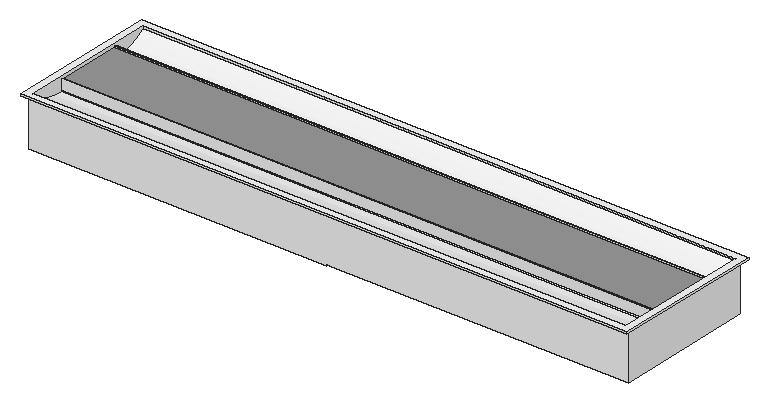
Revit family "2069267 Feilo Sylvania Lighting Fixture OFFICELYTE 1200 HE 4K DALI EMPRO", category Lighting Fixtures, host Face, Revit 2017
Family settings
  Host = Face
  Round Connector Dimension = Use Diameter
  Part Type = Normal
  OmniClass Number = 23.80.70.11.17
  OmniClass Title = Specialized Lighting by Location or Use
  Cut with Voids When Loaded = No
  Light Source = Yes
  Shared = No
  Room Calculation Point = No
Parameters (values of type "2069267 OFFICELYTE 1200 HE 4K DALI EMPRO")
  Width = 297.0 mm
  Weight = 5.90 kg
  Wattage = 27 W
  built-in parameter 1150110 = 1 (stored number, unit not read)
  Voltage Comments = "UNV (Universal Voltage; 230-240 Volt)"  # constant formula
  Voltage = 230 V  # constant formula
  URL = "http://www.sylvania-lighting.com"
  built-in parameter 1114217 = 1 (stored number, unit not read)
  Tilt Angle = 90.00°
  built-in parameter 1150109 = 1 (stored number, unit not read)
  built-in parameter 1150134 = 12
  built-in parameter 1150113 = 1 (stored number, unit not read)
  Product Page URL = "http://www.sylvania-lighting.com/product/en-int/products/2069267"
  Product Family = "OFFICELYTE LP LED"  # constant formula
  Photometry Comments = ""
  Photometric Web File = "2069267.ies"
  Life = "50 000 h"  # constant formula
  Length = 1197.0 mm
  LOR = "100 %"
  Keynote = "16500"
  IP Rating = "IP40"  # constant formula
  IK Rating = "IK02"  # constant formula
  Glow Wire Test = 650 °C  # constant formula
  Glare Control = "UGR <19"  # constant formula
  Electrical Protection = "CLASS I"  # constant formula
  Diffuser Material = Acrylic_Sylvania_Officelyte LP LED_Satin_4000K
  Height = 95.0 mm
  built-in parameter 1114216 [instance] = 1 (stored number, unit not read)
  Model = "OFFICELYTE 1200 HE 4K DALI EMPRO"
  Manufacturer = "Havells-Sylvania Group"  # constant formula
  built-in parameter 1150105 = 1884.1 (stored number, unit not read)
  Lumens = 3429 lm
  built-in parameter 1150115 = 1 (stored number, unit not read)
  built-in parameter 1150137 = (empty or 0)
  built-in parameter 1150139 = (empty or 0)
  built-in parameter 1150112 = 1 (stored number, unit not read)
  built-in parameter 1150114 = 1 (stored number, unit not read)
  Lamp = "LED"
  built-in parameter 1150132 = 2
  built-in parameter 1150102 = (empty or 0)
  built-in parameter 1150107 = 4000 (stored number, unit not read)
  built-in parameter 1150138 = (empty or 0)
  built-in parameter 1150106 = 18.841 (stored number, unit not read)
  Reflector Material = Steel_Sylvania_Officelyte LP LED_White_RAL 9016
  Emit from Rectangle Width = 564.0 mm
  Emit from Rectangle Length = 564.0 mm
  Emit Shape Visible in Rendering = no
  built-in parameter 1150104 = 11.799 (stored number, unit not read)
  Dimming Lamp Color Temperature Shift = <None>
  CRI ( Ra ) = 85
  Body Material = Steel_Sylvania_Officelyte LP LED_White_RAL 9016
  Description = "The Concord OFFICELYTE LP LED HO 4K 600 is a high efficient luminaire for Office, education, meeting rooms. With efficacy of 95lm/W, at 4549lm, CRI of 85 and a very low glare ratio according to EN12464."  # constant formula
  Default Elevation = 0.0 mm
  Color Filter = 16777215
  Catalog Number = "2064456 OFFICELYTE LP LED HE 4K 600"
  built-in parameter 1140040 [instance] = 1
  built-in parameter 1114218 = 1 (stored number, unit not read)
  built-in parameter 1150133 = 10 (stored number, unit not read)
  Assembly Code = "D5020200"
  Apparent Load Comments = ""
  Apparent Load = 27 VA
Reference planes
  plane 1 "Center (Front/Back)": x = 0.711
  plane 2: z = 0
  plane 3 "Center (Left/Right)": y = -70.403
  plane 4 "Fixture Bottom": z = 3
  plane 5 "Fixture Right": y = 78.097
  plane 6 "Profile Right": y = 64.597
  plane 7 "Profile Left": y = -205.403
  plane 8 "Fixture Left": y = -218.903
  plane 9 "Profile Back": x = -578.136
  plane 10 "Fixture Back": x = -591.636
  plane 11 "Fixture Front": x = 599.211
  plane 12: z = -25
  plane 13 "Box Right": y = 66.597
  plane 14 "Box Left": y = -207.403
  plane 15 "Box Back": x = -584.886
  plane 16 "Box Front": x = 587.711
  plane 17: y = -3.903
  plane 18: y = -136.903
  plane 19 "Difuser Right": y = -6.903
  plane 20 "Difuser Left": y = -133.903
  plane 21: z = -2
  plane 22: z = -4
  plane 23 "Profile Front": x = 585.711
  plane 24 "Fixture Top": z = -95
  plane 25 "Box Thickness": z = -93
  plane 26: z = -20
  plane 27: x = -597.789
  plane 28: x = 599.211
Forms (mm)
  Extrusion 1, void
    sketch origin (0, 0, 59) x (-1, 0, 0) y (0, -1, 0)
      loop
        line (-587.711, -66.597) -> (584.886, -66.597) -> (584.886, 207.403) -> (-587.711, 207.403) -> (-587.711, -66.597)
    from -152 to -56
  Extrusion 2, solid, material "Steel_Sylvania_Officelyte LP LED_White_RAL 9016" <- "Reflector Material", detail levels fine
    sketch origin (-294.136, -50.403, 59) x (0, -1, 0) y (1, 0, 0)
      loop
        line (-128.5, -297.5) -> (168.5, -297.5) -> (168.5, 893.347) -> (-128.5, 893.347) -> (-128.5, -297.5)
      loop
        line (155, -284) -> (155, 879.847) -> (-115, 879.847) -> (-115, -284) -> (155, -284)
    from -59 to -56
  Extrusion 3, solid, material "Steel_Sylvania_Officelyte LP LED_White_RAL 9016" <- "Reflector Material", detail levels fine
    sketch origin (0.711, -70.403, 0) x (0, 1, 0) y (0, 0, 1)
      loop
        arc (-65.868, -23.244) -> (-102.251, -17.422) -> (-135, -0.537) r 116.591
        line (-135, -0.537) -> (-135, -2.581)
        arc (-135, -2.581) -> (-102.244, -19.433) -> (-65.868, -25.244) r 116.772
        line (-65.868, -25.244) -> (65.87, -25.244)
        arc (65.87, -25.244) -> (102.245, -19.434) -> (135, -2.581) r 116.769
        line (135, -2.581) -> (135, -0.538)
        arc (135, -0.538) -> (102.252, -17.422) -> (65.87, -23.244) r 116.587
        line (65.87, -23.244) -> (-65.868, -23.244)
    from -578.847 to 585
  Extrusion 4, solid, material "Steel_Sylvania_Officelyte LP LED_White_RAL 9016" <- "Reflector Material", detail levels fine
    sketch origin (-294.136, -70.403, 59) x (0, -1, 0) y (1, 0, 0)
      loop
        line (135, -284) -> (135, 879.847) -> (-135, 879.847) -> (-135, -284) -> (135, -284)
      loop
        line (137, -290.75) -> (137, 886.648) -> (-137, 886.648) -> (-137, -290.75) -> (137, -290.75)
    from -152 to -59
  Extrusion 5, solid, material "Steel_Sylvania_Officelyte LP LED_White_RAL 9016" <- "Reflector Material", detail levels fine
    sketch origin (0, 0, 59) x (-1, 0, 0) y (0, -1, 0)
      loop
        line (578.136, 133.903) -> (578.136, 136.903) -> (-585.711, 136.903) -> (-585.711, 133.903) -> (578.136, 133.903)
      loop
        line (-585.711, 6.903) -> (-585.711, 3.903) -> (578.136, 3.903) -> (578.136, 6.903) -> (-585.711, 6.903)
    from -79 to -59
  Extrusion 6, solid, material "Acrylic_Sylvania_Officelyte LP LED_Satin_4000K" <- "Diffuser Material", detail levels fine
    sketch origin (0, 0, -581) x (-1, 0, 0) y (0, -1, 0)
      loop
        line (578.136, 133.903) -> (-585.711, 133.903) -> (-585.711, 6.903) -> (578.136, 6.903) -> (578.136, 133.903)
    from 577 to 579
  Extrusion 7, solid, material "Steel_Sylvania_Officelyte LP LED_White_RAL 9016" <- "Body Material", detail levels coarse+medium
    sketch origin (-294.136, -70.403, 59) x (0, -1, 0) y (1, 0, 0)
      loop
        line (148.5, -297.5) -> (148.5, 893.347) -> (-148.5, 893.347) -> (-148.5, -297.5) -> (148.5, -297.5)
    from -59 to -56
  Extrusion 8, solid, material "Steel_Sylvania_Officelyte LP LED_White_RAL 9016" <- "Body Material", detail levels coarse+medium
    sketch origin (0, 0, -501) x (-1, 0, 0) y (0, -1, 0)
      loop
        line (584.886, -66.597) -> (584.886, 207.403) -> (-587.711, 207.403) -> (-587.711, -66.597) -> (584.886, -66.597)
    from 406 to 501
  Extrusion 9, solid, material "Steel_Sylvania_Officelyte LP LED_White_RAL 9016" <- "Reflector Material", detail levels fine
    sketch origin (-294.136, -70.403, 59) x (0, -1, 0) y (1, 0, 0)
      loop
        line (-137, -290.75) -> (137, -290.75) -> (137, 294.847) -> (-137, 294.847) -> (-137, -290.75)
    from -154 to -152
Cuts and joins
  joined: Extrusion 2, Extrusion 4, Extrusion 9
  joined: Extrusion 3, Extrusion 5
Lines and regions (mm)
  symbolic lines
    curve 1: line (-591.636, -218.903, 59) -> (-591.636, 78.097, 59)
    curve 2: line (599.211, -218.903, 59) -> (-591.636, -218.903, 59)
    curve 3: line (599.211, 78.097, 59) -> (599.211, -218.903, 59)
    curve 4: line (-591.636, 78.097, 59) -> (599.211, 78.097, 59)
Dimensions and locks
  "Height": host face to plane 24 "Fixture Top"
  locked: plane 25 "Box Thickness" to plane 24 "Fixture Top" at 2
  plane 18 to plane 20 "Difuser Left" = 3.0 mm
  plane 19 "Difuser Right" to plane 17 = 3.0 mm
  plane 8 "Fixture Left" to plane 14 "Box Left" to plane 7 "Profile Left" = 11.5 mm, 2.0 mm
  plane 10 "Fixture Back" to plane 15 "Box Back" to plane 9 "Profile Back" = 6.75 mm, 6.75 mm
  plane 6 "Profile Right" to plane 13 "Box Right" to plane 5 "Fixture Right" = 2.0 mm, 11.5 mm
  plane 23 "Profile Front" to plane 16 "Box Front" to plane 11 "Fixture Front" = 2.0 mm, 11.5 mm
  plane 4 "Fixture Bottom" to plane 2 to plane 21 to plane 22 to plane 12 = 3.0 mm locked, 2.0 mm locked, 2.0 mm locked, 21.0 mm locked
  equal spacing: plane 8 "Fixture Left", plane 3 "Center (Left/Right)", plane 5 "Fixture Right", locked at 148.5 each
  "Width": plane 8 "Fixture Left" to plane 5 "Fixture Right"
  equal spacing: plane 27, plane 1 "Center (Front/Back)", plane 28, locked at 598.5 each
  "Length": plane 27 to plane 28
  aligned and locked: plane 2 to host face
  aligned and locked: level to host face
  aligned and locked: Extrusion 2 to plane 10 "Fixture Back"
  aligned and locked: Extrusion 2 to plane 8 "Fixture Left"
  aligned and locked: plane 7 "Profile Left" to Extrusion 2
  aligned and locked: plane 5 "Fixture Right" to Extrusion 2
  aligned and locked: Extrusion 2 to plane 6 "Profile Right"
  aligned and locked: plane 4 "Fixture Bottom" to Extrusion 2
  aligned and locked: plane 21 to Extrusion 6
  aligned and locked: Extrusion 6 to plane 22
  aligned and locked: Extrusion 7 sketch curve to plane 10 "Fixture Back"
  aligned and locked: plane 5 "Fixture Right" to Extrusion 7 sketch curve
  aligned and locked: Extrusion 8 to plane 24 "Fixture Top"
  aligned and locked: level to Extrusion 8
  aligned and locked: Extrusion 4 sketch curve to plane 9 "Profile Back"
  aligned and locked: Extrusion 4 to Extrusion 1
  aligned and locked: Extrusion 1 to imposter light
  aligned and locked: Extrusion 9 to plane 24 "Fixture Top"
  aligned and locked: plane 25 "Box Thickness" to Extrusion 9
  aligned and locked: cut or joined group of Extrusion 2, Extrusion 4, Extrusion 9 to plane 25 "Box Thickness"
  aligned and locked: Extrusion 4 sketch curve to plane 13 "Box Right"
  aligned and locked: plane 15 "Box Back" to Extrusion 4 sketch curve
  aligned and locked: Extrusion 4 sketch curve to plane 14 "Box Left"
  aligned and locked: plane 13 "Box Right" to Extrusion 9 sketch curve
  aligned and locked: Extrusion 9 sketch curve to plane 15 "Box Back"
  aligned and locked: Extrusion 9 sketch curve to plane 14 "Box Left"
  aligned and locked: cut or joined group of Extrusion 3, Extrusion 5 to plane 7 "Profile Left"
  aligned and locked: cut or joined group of Extrusion 3, Extrusion 5 to plane 6 "Profile Right"
  aligned and locked: cut or joined group of Extrusion 3, Extrusion 5 to plane 9 "Profile Back"
  aligned and locked: cut or joined group of Extrusion 3, Extrusion 5 to plane 23 "Profile Front"
  aligned and locked: Extrusion 1 sketch curve to Extrusion 8  (x4)
  aligned and locked: cut or joined group of Extrusion 3, Extrusion 5 to plane 26
  aligned and locked: plane 4 "Fixture Bottom" to imposter light
Automatic sketch dimensions
  host sketch curve to host sketch curve = 1305.563 mm
  host sketch curve to host sketch curve = 1414.187 mm
  plane 5 "Fixture Right" to Extrusion 2 sketch curve = 0.0 mm
  plane 6 "Profile Right" to Extrusion 2 sketch curve = 0.0 mm
  plane 7 "Profile Left" to Extrusion 2 sketch curve = 0.0 mm
  plane 8 "Fixture Left" to Extrusion 2 sketch curve = 0.0 mm
  Extrusion 2 sketch curve to plane 10 "Fixture Back" = 0.0 mm
  Extrusion 2 sketch curve to plane 9 "Profile Back" = 0.0 mm
  Extrusion 2 sketch curve to plane 23 "Profile Front" = 0.0 mm
  Extrusion 2 sketch curve to plane 11 "Fixture Front" = 0.0 mm
  Extrusion 3 sketch curve to plane 7 "Profile Left" = 0.0 mm
  Extrusion 3 sketch curve to plane 6 "Profile Right" = 0.0 mm
  plane 18 to Extrusion 3 sketch curve = 0.632 mm  (x2)
  Extrusion 3 sketch curve to plane 12 = 0.244 mm
  Extrusion 3 sketch curve to plane 17 = 0.63 mm
  Extrusion 3 sketch curve to Extrusion 3 sketch curve = 0.0 mm
  plane 12 to Extrusion 3 sketch curve = 1.756 mm
  Extrusion 3 sketch curve to level = 2.581 mm  (x2)
  Extrusion 3 sketch curve to level = 0.538 mm
  Extrusion 3 sketch curve to level = 0.537 mm
  plane 6 "Profile Right" to Extrusion 4 sketch curve = 0.0 mm
  plane 7 "Profile Left" to Extrusion 4 sketch curve = 0.0 mm
  plane 23 "Profile Front" to Extrusion 4 sketch curve = 0.0 mm
  Extrusion 5 sketch curve to plane 19 "Difuser Right" = 0.0 mm
  Extrusion 5 sketch curve to plane 23 "Profile Front" = 0.0 mm  (x2)
  Extrusion 5 sketch curve to plane 20 "Difuser Left" = 0.0 mm
  Extrusion 5 sketch curve to plane 9 "Profile Back" = 0.0 mm  (x2)
  Extrusion 5 sketch curve to plane 17 = 0.0 mm
  Extrusion 5 sketch curve to plane 18 = 0.0 mm
  Extrusion 6 sketch curve to plane 20 "Difuser Left" = 0.0 mm
  Extrusion 6 sketch curve to plane 23 "Profile Front" = 0.0 mm
  Extrusion 6 sketch curve to plane 9 "Profile Back" = 0.0 mm
  Extrusion 6 sketch curve to plane 19 "Difuser Right" = 0.0 mm
  plane 8 "Fixture Left" to Extrusion 7 sketch curve = 0.0 mm
  Extrusion 7 sketch curve to plane 11 "Fixture Front" = 0.0 mm
  Extrusion 8 sketch curve to plane 13 "Box Right" = 0.0 mm
  Extrusion 8 sketch curve to plane 16 "Box Front" = 0.0 mm
  Extrusion 8 sketch curve to plane 14 "Box Left" = 0.0 mm
  Extrusion 8 sketch curve to plane 15 "Box Back" = 0.0 mm
  Extrusion 4 sketch curve to Extrusion 4 sketch curve = 6.801 mm
  Extrusion 9 sketch curve to plane 1 "Center (Front/Back)" = 0.0 mm
  plane 8 "Fixture Left" to curve 3 = 0.0 mm
  curve 3 to plane 11 "Fixture Front" = 0.0 mm
  curve 2 to plane 10 "Fixture Back" = 0.0 mm
  plane 5 "Fixture Right" to curve 1 = 0.0 mm
